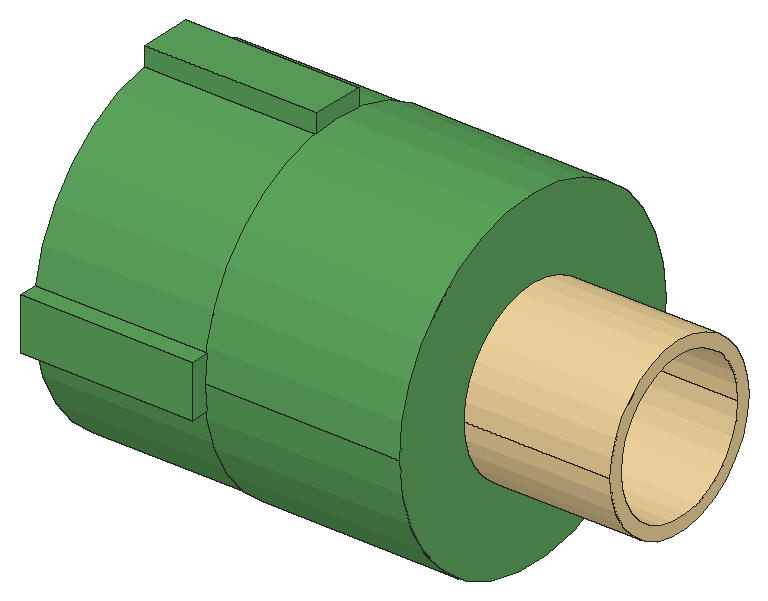
Revit family "Aquatherm_Переходник с наружной резьбой_1", category Соединительные детали трубопроводов, Revit 2019
Family settings
  Размер круглого соединителя = Использовать диаметр
  Тип детали = Переход
  На основе рабочей плоскости = Нет
  Всегда вертикально = Да
  При загрузке вырезать с полостями = Нет
  Общий = Нет
Parameters (values of type "SDR 7.4")
  Нержавеющая сталь [instance] = not(Латунь)  # no
  Материал_Корпус_2 = AquaTherm латунь pipe
  Материал_Корпус = AquaTherm green pipe
  Латунь [instance] = yes
  z2 [instance] = size_lookup("Переходник с наружной резьбой", "z2", 18 mm, d, R, lt)  # 17 mm
  z [instance] = size_lookup("Переходник с наружной резьбой", "z", 18 mm, d, R, lt)  # 41.5 mm
  r [instance] = R - 3 mm  # 17 mm
  n [instance] = z2  # 17 mm
  m [instance] = z  # 41.5 mm
  lt [instance] = if(Латунь, 1 mm, 0 mm)  # 1 mm
  d1 [instance] = R - 8 mm  # 12 mm
  URL = "www.agpipe.ru"
  d [instance] = 32 mm
  SDR = 7.4 mm
  R [instance] = 20 mm
  L [instance] = size_lookup("Переходник с наружной резьбой", "L", 18 mm, d, R, lt)  # 59.5 mm
  D2 [instance] = D1 + 4 mm  # 42 mm
  D1 [instance] = d + 6 mm  # 38 mm
  D [instance] = size_lookup("Переходник с наружной резьбой", "D", 18 mm, d, R, lt)  # 38.5 mm
  ADSK_Примечание = ""
  ADSK_Позиция [instance] = ""
  ADSK_Обозначение = ""
  ADSK_Наименование [instance] = size_lookup("Переходник с наружной резьбой", "ADSK_Наименование", "Нет в каталоге", d, R, lt)  # "Переходник с наружной резьбой DN32x3/4''"
  ADSK_Масса_Текст [instance] = size_lookup("Переходник с наружной резьбой", "ADSK_Масса_Текст", "Нет в каталоге", d, R, lt)  # "0.115"
  ADSK_Код изделия [instance] = size_lookup("Переходник с наружной резьбой", "ADSK_Код изделия", "Нет в каталоге", d, R, lt)  # "21213"
  ADSK_Завод-изготовитель = "Aquatherm"  # constant formula
  ADSK_Единица измерения = "шт."  # constant formula
  1 [instance] = 1 = 1  # yes
Types (5, lengths in mm): name | SDR
  (no name) | 7.4
  SDR 6 | 6
  SDR 7.4 | 7.4
  SDR 9 | 9
  SDR 11 | 11
Reference planes
  plane 1 "По центру (Вперед/Назад)": y = 0
  plane 2: z = 0
  plane 3 "По центру (Влево/Вправо)": x = 0
  plane 4: x = -29.75
  plane 5: x = 29.75
  plane 6: x = -11.75
  plane 7: x = 12.75
Forms (mm)
  Extrusion 1, solid, material "AquaTherm green pipe" <- "Материал_Корпус", visible <- "1"
    sketch origin (0, 0, 0) x (0, 1, 0) y (0, 0, 1)
      loop
        circle (0, 0) r 19
    from -29.75 to -9.8
  Extrusion 2, solid, material "AquaTherm green pipe" <- "Материал_Корпус", visible <- "1"
    sketch origin (0, 0, 0) x (0, 1, 0) y (0, 0, 1)
      loop
        circle (0, 0) r 19.25
    from -9.8 to 12.75
  Extrusion 3, solid, material "AquaTherm green pipe" <- "Материал_Корпус", visible <- "1"
    sketch origin (0, 0, 0) x (0, 1, 0) y (0, 0, 1)
      loop
        line (3, -21) -> (3, 21) -> (-3, 21) -> (-3, -21) -> (3, -21)
    from -29.75 to -9.8
  Extrusion 4, solid, material "AquaTherm green pipe" <- "Материал_Корпус", visible <- "1"
    sketch origin (0, 0, 0) x (0, 1, 0) y (0, 0, 1)
      loop
        line (-21, -3) -> (21, -3) -> (21, 3) -> (-21, 3) -> (-21, -3)
    from -29.75 to -9.8
  Extrusion 5, void
    sketch origin (0, 0, 0) x (0, 1, 0) y (0, 0, 1)
      loop
        circle (0, 0) r 10
    from 0 to 9.5
  Extrusion 6, void
    sketch origin (0, 0, 0) x (0, 1, 0) y (0, 0, 1)
      loop
        circle (0, 0) r 16
    from -29.75 to -9.8
  Extrusion 7, void
    sketch origin (0, 0, 0) x (0, 1, 0) y (0, 0, 1)
      loop
        circle (0, 0) r 6
    from -9.8 to 0
  Extrusion 8, solid, material "AquaTherm латунь pipe" <- "Материал_Корпус_2", visible <- "1"
    sketch origin (0, 0, 0) x (0, 1, 0) y (0, 0, 1)
      loop
        circle (0, 0) r 10
    from 12.75 to 29.75
  Extrusion 9, void
    sketch origin (0, 0, 0) x (0, 1, 0) y (0, 0, 1)
      loop
        circle (0, 0) r 8.5
    from 9.5 to 29.75
Cuts and joins
  Extrusion 6, Extrusion 7 cuts Extrusion 1
  Extrusion 6, Extrusion 7 cuts Extrusion 3
  Extrusion 6, Extrusion 7 cuts Extrusion 4
  joined: Extrusion 1, Extrusion 3, Extrusion 4
  Extrusion 5, Extrusion 6, Extrusion 7, Extrusion 9 cuts Extrusion 2
  Extrusion 9 cuts Extrusion 8
Lines and regions (mm)
  reference lines
    curve 1: line (-11.75, 0, 0) -> (12.75, 0, 0)
Dimensions and locks
  equal spacing: plane 4, plane 3 "По центру (Влево/Вправо)", plane 5
  "L": plane 4 to plane 5
  "m": plane 6 to plane 5
  locked: plane 6 to Extrusion 1 at 1.95
  equal spacing: Extrusion 3 sketch curve, level, Extrusion 3 sketch curve
  "D2": Extrusion 3 sketch curve to Extrusion 3 sketch curve
  equal spacing: Extrusion 4 sketch curve, plane 1 "По центру (Вперед/Назад)", Extrusion 4 sketch curve
  "D2": Extrusion 4 sketch curve to Extrusion 4 sketch curve
  "n": plane 7 to plane 5
  locked: cut or joined group of Extrusion 2, Extrusion 5, Extrusion 6, Extrusion 7, Extrusion 9 to plane 7 at 3.25
  "D1": diameter of Extrusion 1 sketch curve
  "D": diameter of Extrusion 2 sketch curve
  "R": diameter of Extrusion 5 sketch curve
  "d": diameter of Extrusion 6 sketch curve
  "d1": diameter of Extrusion 7 sketch curve
  "R": diameter of Extrusion 8 sketch curve
  "r": diameter of Extrusion 9 sketch curve
  aligned and locked: level to plane 2
  aligned and locked: Extrusion 1 to plane 4
  aligned and locked: Extrusion 2 to Extrusion 1
  aligned and locked: Extrusion 4 to plane 4
  aligned and locked: Extrusion 3 to plane 4
  aligned and locked: Extrusion 1 to Extrusion 3
  aligned and locked: Extrusion 4 to Extrusion 1
  aligned and locked: Extrusion 6 to plane 4
  aligned and locked: plane 7 to Extrusion 2
  aligned and locked: Extrusion 2 to Extrusion 7
  aligned and locked: Extrusion 6 to Extrusion 2
  aligned and locked: plane 5 to Extrusion 8
  aligned and locked: plane 3 "По центру (Влево/Вправо)" to Extrusion 7
  aligned and locked: Extrusion 5 to plane 3 "По центру (Влево/Вправо)"
  aligned and locked: Extrusion 9 to Extrusion 5
  aligned and locked: plane 5 to Extrusion 9
  aligned and locked: Extrusion 8 to cut or joined group of Extrusion 2, Extrusion 5, Extrusion 6, Extrusion 7, Extrusion 9
  aligned and locked: plane 6 to curve 1
  aligned and locked: plane 7 to curve 1
Automatic sketch dimensions
  plane 1 "По центру (Вперед/Назад)" to curve 1 = 0 mm
  Extrusion 1 sketch curve to level = 0 mm
  Extrusion 1 sketch curve to plane 1 "По центру (Вперед/Назад)" = 0 mm
  Extrusion 2 sketch curve to level = 0 mm
  Extrusion 2 sketch curve to plane 1 "По центру (Вперед/Назад)" = 0 mm
  plane 1 "По центру (Вперед/Назад)" to Extrusion 3 sketch curve = 3 mm
  Extrusion 3 sketch curve to plane 1 "По центру (Вперед/Назад)" = 3 mm
  Extrusion 4 sketch curve to level = 3 mm
  level to Extrusion 4 sketch curve = 3 mm
  Extrusion 5 sketch curve to level = 0 mm
  Extrusion 5 sketch curve to plane 1 "По центру (Вперед/Назад)" = 0 mm
  Extrusion 6 sketch curve to level = 0 mm
  Extrusion 6 sketch curve to plane 1 "По центру (Вперед/Назад)" = 0 mm
  Extrusion 7 sketch curve to level = 0 mm
  Extrusion 7 sketch curve to plane 1 "По центру (Вперед/Назад)" = 0 mm
  Extrusion 8 sketch curve to level = 0 mm
  Extrusion 8 sketch curve to plane 1 "По центру (Вперед/Назад)" = 0 mm
  Extrusion 9 sketch curve to level = 0 mm
  Extrusion 9 sketch curve to plane 1 "По центру (Вперед/Назад)" = 0 mm
Connectors
  piping at (-11.75, 0, 0), diameter 32, driven by "d"
    settings: on curve 1, index 1, connector inside diameter 609.6 mm, connector length 0 mm, flow factor 0, pipe flow 0.0 L/s, pressure drop 0.0 Pa, fitting loss kfactor 0, connector angle 0.00°, fixture units 0, engagement length 0 mm, angle of deflection 0.00°, flow configuration 0, flow direction 0, fitting loss method 0, system type 28, joint type 0, gender type 0, connector reference index 2, connector utility 0, adjustable connector no, is connector primary yes, connector description ""
  piping at (12.75, 0, 0), diameter 20, driven by "R"
    settings: on curve 1, index 2, connector inside diameter 609.6 mm, connector length 0 mm, flow factor 0, pipe flow 0.0 L/s, pressure drop 0.0 Pa, fitting loss kfactor 0, connector angle 0.00°, fixture units 0, engagement length 0 mm, angle of deflection 0.00°, flow configuration 0, flow direction 0, fitting loss method 0, system type 28, joint type 0, gender type 0, connector reference index 1, connector utility 0, adjustable connector no, is connector primary no, connector description ""
